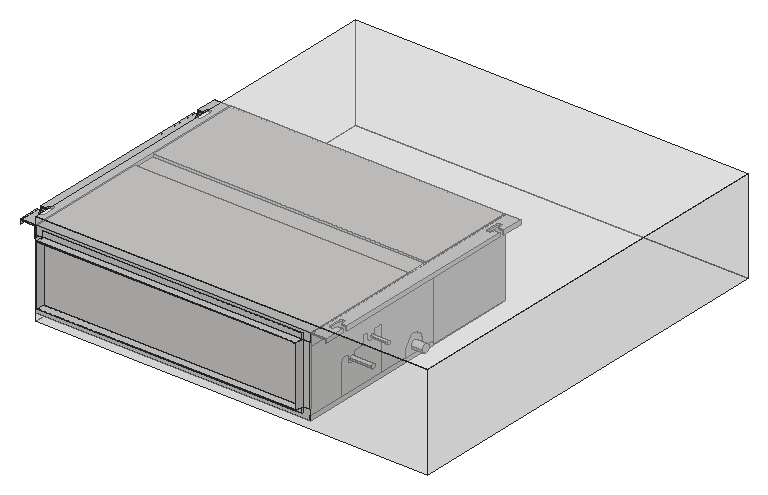
Revit family "outputfile", category 機械設備, Revit 2024
Family settings
  丸型コネクタ寸法 = 半径を使用
  パーツ タイプ = 標準
  OmniClass 番号 = 23.75.10.24.21.27.27
  OmniClass タイトル = Split System Air Conditioning Units
  作業面ベース = いいえ
  常に垂直 = はい
  ロード時にボイドで切り取り = いいえ
  注釈の向きを維持 = いいえ
  共有 = いいえ
  部屋計算ポイント = はい
Parameters (values of type "CDXP25RVMA")
  Description = ""
  書き出し IFC クラス(タイプ) = "IfcUnitaryEquipmentType"
  定義済み IFC タイプ(タイプ) = "AIRCONDITIONINGUNIT"
  Cost = 0
  Type Comments = ""
  Keynote = ""
  Type Image = (empty or 0)
  Assembly Code = ""
  switch_frequency = yes
  ld_powersupply = Depth / 2  # 310.0 mm
  製造元 = "Daikin"
  モデル = "CDXP25RVMA"
  r_Liquid Pipe Size = Liquid Pipe Size / 2  # 3.2 mm
  r_Gas Pipe Size = Gas Pipe Size / 2  # 4.75 mm
  r_Drain Pipe Size = Drain Pipe Size / 2  # 10.0 mm
  lw_powersupply = 50.0 mm  # constant formula
  lw_ductflange2 = 620.0 mm
  lw_Width = 660.0 mm
  lh_suctionflange [instance] = 100.0 mm  # constant formula
  ld_suctionflange [instance] = if(Rear Connection_Return Air, 190.0 mm, 100.0 mm)  # 190.0 mm
  connector_voltage = Voltage_50Hz  # 230 V
  connector_powerinput = if([Power Input (Cooling)] > [Power Input (Heating)], [Power Input (Cooling)], [Power Input (Heating)])  # 0.000 kW
  connector_phase = Phase_50Hz  # 1
  angle_vertical_RA [instance] = if(Rear Connection_Return Air, 90.00°, 0.00°)  # 90.00°
  angle horizontal_RA [instance] = if(Rear Connection_Return Air, 180.00°, 270.00°)  # 180.00°
  Voltage_comment_50Hz = "220 - 240"
  Voltage_50Hz = 230 V
  URL = ""
  Supply Air Direction [instance] = yes
  Sound Power Level_H speed (dB) = 0
  Rear Connection_Return Air [instance] = not(Bottom Connection_Return Air)  # yes
  RA_length [instance] = if(Rear Connection_Return Air, 190.0 mm, 100.0 mm)  # 190.0 mm
  Phase_50Hz = 1
  Minimum External Static Pressure = 0.00 Pa
  Minimum Circuit Amps_50Hz = 0.0 A
  Maximum Fuse Amps_50Hz = 0.0 A
  Maximum External Static Pressure = 30.00 Pa
  Material_Casing = DAIKIN_GalvanizedSteel_Casing_indoorunit
  lw_liquidpipe = 46.0 mm  # constant formula
  lw_gaspipe = 57.0 mm  # constant formula
  lw_mountinghole = 740.0 mm
  lw_drainpipe = 30.0 mm  # constant formula
  lh_powersupply = 150.0 mm  # constant formula
  lh_liquidpipe = 90.0 mm  # constant formula
  lh_gaspipe = 113.0 mm  # constant formula
  lh_mountinghole = Height  # 200.0 mm
  lh_drainpipe = 170.0 mm  # constant formula
  lh_antena = 1.0 mm  # constant formula
  ld_liquidpipe = 193.0 mm  # constant formula
  ld_gaspipe = 130.0 mm  # constant formula
  ld_mountinghole = 500.0 mm  # constant formula
  ld_drainpipe = 330.0 mm  # constant formula
  ld_controlbox = 626.0 mm  # constant formula
  h*** = 0.0 mm  # constant formula
  d_dischargeflange = 21.2 mm  # constant formula
  Width = 700.0 mm
  Version = "ver.1.0"
  Unit Type = "Duct (L.S.P)"
  Unit Mass Weight = 21.00 kg
  Unit Designation [instance] = ""
  Uniclass2015Version = "Products v1.30"
  Uniclass2015Title = "Split coil room air conditioning units"
  Uniclass2015Code = "Pr_70_65_03_86"
  Total Heating Capacity [instance] = 0.000 kW
  Total Cooling Capacity [instance] = 0.000 kW
  Sound Pressure Level_M speed (dBA) = 33
  Sound Pressure Level_L speed (dBA) = 31
  Sound Pressure Level_H speed (dBA) = 35
  Series = "Multi Split_Fan Coil Unit"
  Sensible Cooling Capacity [instance] = 0.000 kW
  SA Duct Size Width = 660.0 mm
  SA Duct Size Height = 153.0 mm
  Refrigerant Type = "R32"
  RA Duct Size Width = 580.0 mm
  RA Duct Size Height = 160.0 mm
  Power Input (Heating) = 0.000 kW
  Power Input (Cooling) = 0.000 kW
  Option Accessory 3 [instance] = ""
  Option Accessory 2 [instance] = ""
  Option Accessory 1 [instance] = ""
  Nominal Heating Capacity = 3.400 kW
  Nominal Cooling Capacity = 2.500 kW
  Minimum Airflow = 438.00 m³/h
  Median Airflow = 480.00 m³/h
  Maximum Airflow = 522.00 m³/h
  Load Classification = HVAC
  Liquid Pipe Size = 6.4 mm
  Link_Nested Family [instance] = ""
  IfcVersion = ""
  IfcExportType = "AIRCONDITIONINGUNIT"
  IfcExportAs = "IfcUnitaryEquipmentType"
  Height = 200.0 mm
  Heating Entering Wet Bulb Temperature [instance] = 0.00 °C
  Heating Entering Dry Bulb Temperature [instance] = 0.00 °C
  Heating Ambient Wet Bulb Temperature [instance] = 0.00 °C
  Heating Ambient Dry Bulb Temperature [instance] = 0.00 °C
  Heat Exchanger Type = "Cross Fin Coil"
  Gas Pipe Size = 9.5 mm
  Frequency_50Hz = 50 Hz
  Fan Type = "Sirocco Fan"
  Fan Drive = "Direct Drive"
  FCU Tag No. [instance] = ""
  Drain Pipe Size = 20.0 mm
  Design Supply Airflow [instance] = 0.00 m³/h
  Design Return Airflow [instance] = 0.00 m³/h
  Design External Static Pressure [instance] = 0.00 Pa
  Depth = 620.0 mm
  既定の高さ = 0.0 mm
  Cooling Entering Wet Bulb Temperature [instance] = 0.00 °C
  Cooling Entering Dry Bulb Temperature [instance] = 0.00 °C
  Cooling Ambient Wet Bulb Temperature [instance] = 0.00 °C
  Cooling Ambient Dry Bulb Temperature [instance] = 0.00 °C
  Clearance visibility [instance] = yes
  Clearance Top = 20.0 mm
  Clearance Right = 300.0 mm
  Clearance Rear = 400.0 mm
  Clearance Left = 0.0 mm
  Clearance Front = 0.0 mm
  Clearance Bottom = 20.0 mm
  Bottom Connection_Return Air [instance] = no
Reference planes
  plane 1 "Center (Front/Back)": y = 0
  plane 2: z = 0
  plane 3 "Center (Left/Right)": x = 0
  plane 4 "Back": y = 310
  plane 5 "Front": y = -310
  plane 6 "Left": x = -350
  plane 7 "Right": x = 350
  plane 8 "Top": z = 0
  plane 9 "Bottom": z = -200
  plane 10: x = -370
  plane 11: x = 370
  plane 12: y = 250
  plane 13: z = 0
  plane 14 "Clearance Left": x = -350
  plane 15 "Clearance Right": x = 650
  plane 16 "Clearance Rear": y = 710
  plane 17 "Clearance Front": y = -310
  plane 18 "Clearance Top": z = 20
  plane 19 "Clearance Bottom": z = -220
  plane 20: y = -250
  plane 21: z = -21
  plane 22: z = -97.5
  plane 23: x = -40
  plane 24: y = 120
  plane 25: z = -100
  plane 26: y = -180
  plane 27: z = -113
  plane 28: y = -117
  plane 29: z = -90
  plane 30: y = 20
  plane 31: z = -170
  plane 32: x = 407
  plane 33: x = 396
  plane 34: x = 380
  plane 35: x = 300
  plane 36: z = -150
Forms (mm)
  Extrusion 1, solid, material "DAIKIN_GalvanizedSteel_Casing_indoorunit" <- "Material_Casing"
    sketch origin (0, 0, 0) x (1, 0, 0) y (0, 1, 0)
      loop
        line (-350, -310) -> (350, -310) -> (350, 310) -> (-350, 310) -> (-350, -310)
    from -200 to 0
  Extrusion 2, void
    sketch origin (0, 0, 1) x (1, 0, 0) y (0, 1, 0)
      loop
        line (-350, 61.5) -> (-350, 3.5) -> (350, 3.5) -> (350, 61.5) -> (-350, 61.5)
    from -1 to -7
  Extrusion 3, solid, material "DAIKIN_GalvanizedSteel_Casing_indoorunit" <- "Material_Casing", visible <- "Bottom Connection_Return Air"
    sketch origin (0, 0, 0) x (1, 0, 0) y (0, 0, 1)
      loop
        line (269, -200) -> (269, -1) -> (-349, -1) -> (-349, -200) -> (269, -200)
    from -310 to -309
  Extrusion 4, solid, material "DAIKIN_GalvanizedSteel_Casing_indoorunit" <- "Material_Casing", visible <- "Rear Connection_Return Air"
    sketch origin (0, 0, 0) x (1, 0, 0) y (0, 1, 0)
      loop
        line (-349, 310) -> (-349, 111) -> (269, 111) -> (269, 310) -> (-349, 310)
    from -200 to -199
  Extrusion 5, solid, material "DAIKIN_GalvanizedSteel_Casing_indoorunit" <- "Material_Casing"
    sketch origin (350, 0, 0) x (0, 1, 0) y (0, 0, 1)
      loop
        circle (-180, -113) r 4.75
    from 0 to 57
  Extrusion 6, solid, material "DAIKIN_GalvanizedSteel_Casing_indoorunit" <- "Material_Casing"
    sketch origin (350, 0, 0) x (0, 1, 0) y (0, 0, 1)
      loop
        circle (-117, -90) r 3.2
    from 0 to 46
  Extrusion 7, solid, material "DAIKIN_GalvanizedSteel_Casing_indoorunit" <- "Material_Casing"
    sketch origin (350, 0, 0) x (0, 1, 0) y (0, 0, 1)
      loop
        circle (20, -170) r 10
    from 0 to 30
  Extrusion 8, solid, material "DAIKIN_GalvanizedSteel_Casing_indoorunit" <- "Material_Casing"
    sketch origin (350, 0, 0) x (0, 1, 0) y (0, 0, 1)
      loop
        line (-310, -200) -> (78.6, -200) -> (78.6, -193)
        arc (78.6, -193) -> (77.721, -190.879) -> (75.6, -190) r 3
        line (75.6, -190) -> (-310, -190) -> (-310, -200)
    from 0 to -1
  Extrusion 9, solid, material "DAIKIN_GalvanizedSteel_Casing_indoorunit" <- "Material_Casing"
    sketch origin (350, 0, 0) x (0, 1, 0) y (0, 0, 1)
      loop
        line (-210, -190) -> (-85.6, -190) -> (-85.6, -83)
        arc (-85.6, -83) -> (-86.479, -80.879) -> (-88.6, -80) r 3
        line (-88.6, -80) -> (-102, -80)
        arc (-102, -80) -> (-104.121, -80.879) -> (-105, -83) r 3
        line (-105, -83) -> (-105, -90)
        arc (-105, -90) -> (-117, -102) -> (-129, -90) r 12
        line (-129, -90) -> (-129, -83)
        arc (-129, -83) -> (-129.879, -80.879) -> (-132, -80) r 3
        line (-132, -80) -> (-136.1, -80)
        arc (-136.1, -80) -> (-138.221, -80.879) -> (-139.1, -83) r 3
        line (-139.1, -83) -> (-139.1, -102.7) -> (-165, -102.7)
        arc (-165, -102.7) -> (-167.121, -103.579) -> (-168, -105.7) r 3
        line (-168, -105.7) -> (-168, -113)
        arc (-168, -113) -> (-180, -125) -> (-192, -113) r 12
        line (-192, -113) -> (-192, -105.7)
        arc (-192, -105.7) -> (-192.879, -103.579) -> (-195, -102.7) r 3
        line (-195, -102.7) -> (-207, -102.7)
        arc (-207, -102.7) -> (-209.121, -103.579) -> (-210, -105.7) r 3
        line (-210, -105.7) -> (-210, -190)
    from 0 to -1
  Extrusion 10, solid, material "DAIKIN_GalvanizedSteel_Casing_indoorunit" <- "Material_Casing"
    sketch origin (350, 0, 0) x (0, 1, 0) y (0, 0, 1)
      loop
        arc (44.5, -170) -> (20, -145.5) -> (-4.5, -170) r 24.5
        line (-4.5, -170) -> (-4.5, -190) -> (44.5, -190) -> (44.5, -170)
    from 0 to -1
  Extrusion 11, solid, material "DAIKIN_GalvanizedSteel_Casing_indoorunit" <- "Material_Casing"
    sketch origin (350, 0, 0) x (0, 1, 0) y (0, 0, 1)
      loop
        arc (86.6, -22) -> (84.479, -22.879) -> (83.6, -25) r 3
        line (83.6, -25) -> (83.6, -194.5)
        arc (83.6, -194.5) -> (84.479, -196.621) -> (86.6, -197.5) r 3
        line (86.6, -197.5) -> (307, -197.5)
        arc (307, -197.5) -> (309.121, -196.621) -> (310, -194.5) r 3
        line (310, -194.5) -> (310, -25)
        arc (310, -25) -> (309.121, -22.879) -> (307, -22) r 3
        line (307, -22) -> (86.6, -22)
    from 0 to -1
Cuts and joins
  Extrusion 2 cuts Extrusion 1
Dimensions and locks
  "Height": plane 8 "Top" to plane 9 "Bottom"
  equal spacing: plane 10, plane 3 "Center (Left/Right)", plane 11
  "lw_mountinghole": plane 10 to plane 11
  equal spacing: plane 6 "Left", plane 3 "Center (Left/Right)", plane 7 "Right"
  "Width": plane 6 "Left" to plane 7 "Right"
  "Clearance Right": plane 7 "Right" to plane 15 "Clearance Right"
  "Clearance Left": plane 14 "Clearance Left" to plane 6 "Left"
  "Clearance Rear": plane 16 "Clearance Rear" to plane 4 "Back"
  "Clearance Front": plane 5 "Front" to plane 17 "Clearance Front"
  "Clearance Top": plane 18 "Clearance Top" to plane 8 "Top"
  "Clearance Bottom": plane 9 "Bottom" to plane 19 "Clearance Bottom"
  "Depth": plane 4 "Back" to plane 5 "Front"
  equal spacing: plane 4 "Back", plane 1 "Center (Front/Back)", plane 5 "Front"
  Extrusion 3 sketch curve to Extrusion 3 sketch curve = 199.0 mm
  locked: plane 20 to plane 5 "Front" at 60
  "ld_mountinghole": plane 12 to plane 20
  locked: plane 8 "Top" to plane 21 at 21
  locked: plane 23 to plane 3 "Center (Left/Right)" at 40
  "ld_suctionflange": plane 4 "Back" to plane 24
  "lh_suctionflange": plane 8 "Top" to plane 25
  "ld_gaspipe": plane 26 to plane 5 "Front"
  "lh_gaspipe": plane 8 "Top" to plane 27
  "ld_liquidpipe": plane 28 to plane 5 "Front"
  "lh_liquidpipe": plane 8 "Top" to plane 29
  "ld_drainpipe": plane 30 to plane 5 "Front"
  "lh_drainpipe": plane 8 "Top" to plane 31
  "lw_gaspipe": plane 7 "Right" to plane 32
  "lw_liquidpipe": plane 7 "Right" to plane 33
  "lw_drainpipe": plane 7 "Right" to plane 34
  "lw_powersupply": plane 35 to plane 7 "Right"
  "lh_powersupply": plane 8 "Top" to plane 36
  "r_Gas Pipe Size": radius of Extrusion 5 sketch curve
  "r_Liquid Pipe Size": radius of Extrusion 6 sketch curve
  "r_Drain Pipe Size": radius of Extrusion 7 sketch curve
  aligned and locked: level to plane 2
  aligned and locked: Extrusion 1 to plane 9 "Bottom"
  aligned and locked: plane 8 "Top" to Extrusion 1
  aligned and locked: plane 11 to nested 2
  aligned and locked: plane 10 to nested 3
  aligned and locked: plane 10 to nested 4
  aligned and locked: plane 8 "Top" to Extrusion 2
  aligned and locked: plane 9 "Bottom" to Extrusion 4  (x2)
  aligned and locked: plane 7 "Right" to cut or joined group of Extrusion 1, Extrusion 2  (x2)
  aligned and locked: plane 3 "Center (Left/Right)" to nested 9
  aligned and locked: plane 6 "Left" to nested 7
  aligned and locked: plane 8 "Top" to nested 9
  aligned and locked: plane 11 to nested 1
  aligned and locked: nested 6 to plane 1 "Center (Front/Back)"
  aligned and locked: plane 3 "Center (Left/Right)" to nested 6
  aligned and locked: level to plane 8 "Top"
  aligned and locked: plane 1 "Center (Front/Back)" to nested 9
  aligned and locked: plane 5 "Front" to nested 10
  aligned and locked: Extrusion 1 sketch curve to plane 5 "Front"
  aligned and locked: plane 21 to nested 10
  aligned and locked: nested 5 to plane 5 "Front"
  aligned and locked: plane 3 "Center (Left/Right)" to nested 5
  aligned and locked: plane 22 to nested 5
  aligned and locked: Extrusion 2 sketch curve to plane 6 "Left"
  aligned and locked: plane 7 "Right" to Extrusion 2 sketch curve
  aligned and locked: nested 11 to plane 23
  aligned and locked: nested 11 to plane 24
  aligned and locked: plane 27 to Extrusion 5 sketch curve
  aligned and locked: plane 26 to Extrusion 5 sketch curve
  aligned and locked: plane 28 to Extrusion 6 sketch curve
  aligned and locked: plane 29 to Extrusion 6 sketch curve
  aligned and locked: plane 31 to Extrusion 7 sketch curve
  aligned and locked: plane 30 to Extrusion 7 sketch curve
  aligned and locked: plane 26 to nested 12
  aligned and locked: nested 12 to plane 27
  aligned and locked: plane 32 to Extrusion 5
  aligned and locked: plane 32 to nested 12
  aligned and locked: plane 33 to Extrusion 6
  aligned and locked: plane 28 to nested 13
  aligned and locked: nested 13 to plane 29
  aligned and locked: plane 33 to nested 13
  aligned and locked: plane 34 to Extrusion 7
  aligned and locked: plane 30 to nested 14
  aligned and locked: nested 14 to plane 31
  aligned and locked: plane 34 to nested 14
  aligned and locked: Extrusion 8 sketch curve to plane 9 "Bottom"
  aligned and locked: Extrusion 8 sketch curve to plane 5 "Front"
  aligned and locked: plane 14 "Clearance Left" to nested 15
  aligned and locked: plane 15 "Clearance Right" to nested 15
  aligned and locked: plane 16 "Clearance Rear" to nested 15
  aligned and locked: nested 15 to plane 17 "Clearance Front"
  aligned and locked: nested 15 to plane 18 "Clearance Top"
  aligned and locked: nested 15 to plane 19 "Clearance Bottom"
  aligned and locked: nested 16 to plane 35
  aligned and locked: nested 16 to plane 36
  aligned and locked: plane 4 "Back" to nested 16
Automatic sketch dimensions
  Extrusion 1 sketch curve to plane 4 "Back" = 0.0 mm
  Extrusion 1 sketch curve to plane 6 "Left" = 0.0 mm
  Extrusion 1 sketch curve to plane 7 "Right" = 0.0 mm
  Extrusion 4 sketch curve to plane 4 "Back" = 0.0 mm
  plane 6 "Left" to Extrusion 3 sketch curve = 1.0 mm
  plane 6 "Left" to Extrusion 4 sketch curve = 1.0 mm
  Extrusion 4 sketch curve to plane 1 "Center (Front/Back)" = 111.0 mm
  Extrusion 3 sketch curve to plane 9 "Bottom" = 0.0 mm
  Extrusion 3 sketch curve to plane 7 "Right" = 81.0 mm
  Extrusion 4 sketch curve to plane 7 "Right" = 81.0 mm
  Extrusion 2 sketch curve to plane 1 "Center (Front/Back)" = 3.5 mm
  Extrusion 2 sketch curve to Extrusion 2 sketch curve = 58.0 mm
  plane 9 "Bottom" to Extrusion 8 sketch curve = 7.0 mm
  Extrusion 8 sketch curve to plane 24 = 44.4 mm
  Extrusion 8 sketch curve to Extrusion 8 sketch curve = 3.0 mm
  Extrusion 9 sketch curve to plane 27 = 0.0 mm
  Extrusion 9 sketch curve to plane 26 = 0.0 mm
  Extrusion 9 sketch curve to plane 29 = 0.0 mm
  Extrusion 9 sketch curve to plane 28 = 0.0 mm
  Extrusion 9 sketch curve to plane 26 = 12.0 mm
  Extrusion 9 sketch curve to plane 25 = 2.7 mm  (x2)
  Extrusion 9 sketch curve to Extrusion 9 sketch curve = 3.0 mm  (x6)
  Extrusion 9 sketch curve to Extrusion 9 sketch curve = 12.0 mm
  plane 9 "Bottom" to Extrusion 9 sketch curve = 10.0 mm
  Extrusion 9 sketch curve to plane 26 = 30.0 mm
  Extrusion 9 sketch curve to plane 28 = 22.1 mm
  Extrusion 9 sketch curve to Extrusion 9 sketch curve = 4.1 mm
  plane 29 to Extrusion 9 sketch curve = 7.0 mm  (x2)
  Extrusion 9 sketch curve to Extrusion 9 sketch curve = 13.4 mm
  Extrusion 10 sketch curve to plane 30 = 0.0 mm
  Extrusion 10 sketch curve to plane 31 = 0.0 mm
  plane 1 "Center (Front/Back)" to Extrusion 10 sketch curve = 4.5 mm
  plane 9 "Bottom" to Extrusion 10 sketch curve = 10.0 mm
  Extrusion 11 sketch curve to plane 4 "Back" = 0.0 mm
  Extrusion 11 sketch curve to Extrusion 11 sketch curve = 3.0 mm  (x3)
  Extrusion 11 sketch curve to plane 21 = 1.0 mm
  Extrusion 11 sketch curve to plane 21 = 4.0 mm
  Extrusion 11 sketch curve to plane 24 = 33.4 mm
  plane 9 "Bottom" to Extrusion 11 sketch curve = 5.5 mm
Nested families
  nested 1: "daikin_mountinghole" at (370, 250, -200), l_antenna <- "lh_antena", Link_Nested Family <- "Link_Nested Family", h_mountinghole <- "lh_mountinghole", type "daikin_mountinghole"
    with show yes, l_antenna 1.0 mm, h_mountinghole 200.0 mm, Link_Nested Family ""
  nested 2: "daikin_mountinghole" at (370, -250, -200), Link_Nested Family <- "Link_Nested Family", l_antenna <- "lh_antena", h_mountinghole <- "lh_mountinghole", type "daikin_mountinghole"
    with show yes, l_antenna 1.0 mm, h_mountinghole 200.0 mm, Link_Nested Family ""
  nested 3: "daikin_mountinghole" at (-370, -250, -200), l_antenna <- "lh_antena", Link_Nested Family <- "Link_Nested Family", h_mountinghole <- "lh_mountinghole", type "daikin_mountinghole"
    with show yes, l_antenna 1.0 mm, h_mountinghole 200.0 mm, Link_Nested Family ""
  nested 4: "daikin_mountinghole" at (-370, 250, -200), l_antenna <- "lh_antena", Link_Nested Family <- "Link_Nested Family", h_mountinghole <- "lh_mountinghole", type "daikin_mountinghole"
    with show yes, l_antenna 1.0 mm, h_mountinghole 200.0 mm, Link_Nested Family ""
  nested 5: "daikin_connector_rotate2" at (0, -310, -97.5), length <- "d_dischargeflange", type "daikin_connector_rotate2"
    with radius 10.0 mm, length 21.2 mm, angle_vertical 90.00°, show_face no
  nested 6: "daikin_△_symbolicline" at (-75, -129.904, 200) x (-0.5, 0.866, 0) z (0, 0, 1), built-in parameter 1001364 <- "Height", visible <- "Supply Air Direction", type "daikin_△_symbolicline"
    with length 300.0 mm
  nested 7: "daikin_ductflange_CDXP-RVMA_1" at (-40, 310, -100), visible <- "Rear Connection_Return Air", material <- "Material_Casing", width <- "lw_ductflange2", type "daikin_ductflange_CDXP-RVMA_1"
    with width 620.0 mm, material DAIKIN_GalvanizedSteel_Casing_indoorunit, height 180.0 mm, depth 21.2 mm
  nested 8: "daikin_ductflange_CDXP-RVMA_1" at (-40, 210, -200) x (1, 0, 0) z (0, 1, 0), visible <- "Bottom Connection_Return Air", material <- "Material_Casing", width <- "lw_ductflange2", type "daikin_ductflange_CDXP-RVMA_1"
    with width 620.0 mm, material DAIKIN_GalvanizedSteel_Casing_indoorunit, height 180.0 mm, depth 21.2 mm
  nested 9: "daikin_hangerfixture_CDXP-RVMA" at (0, 0, 0), type "daikin_hangerfixture_CDXP-RVMA"
  nested 10: "daikin_ductflange_CDXP-RVMA" at (0, 3.5, -364.201), width <- "lw_Width", material <- "Material_Casing", type "daikin_ductflange_CDXP-RVMA"
    with width 660.0 mm, material DAIKIN_GalvanizedSteel_Casing_indoorunit, height 155.0 mm, depth 21.2 mm
  nested 11: "daikin_connector_rotate3" at (-40, 120, -100), length <- "RA_length", angle_vertical <- "angle_vertical_RA", angle_horizontal <- "angle horizontal_RA", type "daikin_connector_rotate3"
    with show no, radius 10.0 mm, length 190.0 mm, angle_vertical 90.00°, angle_horizontal 180.00°
  nested 12: "daikin_connector_rotate2" at (350, -180, -113) x (0, 1, 0) z (0, 0, 1), length <- "lw_gaspipe", radius <- "r_Gas Pipe Size", type "daikin_connector_rotate2"
    with radius 4.75 mm, length 57.0 mm, angle_vertical 90.00°, show_face no
  nested 13: "daikin_connector_rotate2" at (350, -117, -90) x (0, 1, 0) z (0, 0, 1), radius <- "r_Liquid Pipe Size", length <- "lw_liquidpipe", type "daikin_connector_rotate2"
    with radius 3.2 mm, length 46.0 mm, angle_vertical 90.00°, show_face no
  nested 14: "daikin_connector_rotate2" at (350, 20, -170) x (0, 1, 0) z (0, 0, 1), radius <- "r_Drain Pipe Size", length <- "lw_drainpipe", type "daikin_connector_rotate2"
    with radius 10.0 mm, length 30.0 mm, angle_vertical 90.00°, show_face no
  nested 15: "daikin_clearancespace" at (150, 200, -99.881), visible <- "Clearance visibility", Link_Nested Family <- "Link_Nested Family", show <- "Clearance visibility", type "daikin_clearancespace"
    with width 1000.0 mm, show yes, height 240.0 mm, depth 1020.0 mm, Link_Nested Family ""
  nested 16: "daikin_connector_rotate2" at (300, 0, -150) x (-1, 0, 0) z (0, 0, 1), length <- "ld_powersupply", type "daikin_connector_rotate2"
    with radius 10.0 mm, length 310.0 mm, angle_vertical 90.00°, show_face no
Connectors
  hvac at (0, -331.2, -97.5), driven by "SA Duct Size Height", driven by "SA Duct Size Width"
    settings: on nested 5, index 1, duct flow 0.00 m³/h, flow factor 0, pres drop 0.00 Pa, loss coef 0, conn angle 0.00°, conn width 660.0 mm, conn height 153.0 mm, conn diameter 609.6 mm, duct sys type 1, conn prof type 1, flow config 0, flow direction 2, loss method 4, conn ref index -1, conn util no, is conn primary yes, conn desc "SA Duct"
  hvac at (-40, 310, -100), driven by "RA Duct Size Height", driven by "RA Duct Size Width"
    settings: on nested 11, index 2, duct flow 0.00 m³/h, flow factor 0, pres drop 0.00 Pa, loss coef 0, conn angle 0.00°, conn width 580.0 mm, conn height 160.0 mm, conn diameter 609.6 mm, duct sys type 2, conn prof type 1, flow config 0, flow direction 1, loss method 4, conn ref index -1, conn util no, is conn primary no, conn desc "RA Duct"
  piping at (407, -180, -113), diameter 9.5, driven by "r_Gas Pipe Size"
    settings: on nested 12, index 3, connector inside diameter 609.6 mm, connector length 0.0 mm, flow factor 0, pipe flow 0.00 m³/h, pressure drop 0.0 Pa, fitting loss kfactor 0, connector angle 0.00°, fixture units 0, engagement length 0.0 mm, angle of deflection 0.00°, flow configuration 1, flow direction 2, fitting loss method 0, system type 29, joint type 0, gender type 0, connector reference index -1, connector utility 0, adjustable connector no, is connector primary yes, connector description "Refrigerant Gas Piping"
  piping at (396, -117, -90), diameter 6.4, driven by "r_Liquid Pipe Size"
    settings: on nested 13, index 4, connector inside diameter 609.6 mm, connector length 0.0 mm, flow factor 0, pipe flow 0.00 m³/h, pressure drop 0.0 Pa, fitting loss kfactor 0, connector angle 0.00°, fixture units 0, engagement length 0.0 mm, angle of deflection 0.00°, flow configuration 1, flow direction 1, fitting loss method 0, system type 29, joint type 0, gender type 0, connector reference index -1, connector utility 0, adjustable connector no, is connector primary no, connector description "Refrigerant Liquid Piping"
  piping at (380, 20, -170), diameter 20, driven by "r_Drain Pipe Size"
    settings: on nested 14, index 5, connector inside diameter 609.6 mm, connector length 0.0 mm, flow factor 0, pipe flow 0.00 m³/h, pressure drop 0.0 Pa, fitting loss kfactor 0, connector angle 0.00°, fixture units 0, engagement length 0.0 mm, angle of deflection 0.00°, flow configuration 1, flow direction 2, fitting loss method 4, system type 16, joint type 0, gender type 0, connector reference index -1, connector utility 0, adjustable connector no, is connector primary no, connector description "Condensate Drain Piping"
  electrical at (300, 310, -150), driven by "Load Classification", driven by "connector_voltage", driven by "connector_powerinput", driven by "connector_phase"
    settings: on nested 16, index 6, voltage 230 V, apparent load 0 VA, apparent load phase1 0 VA, apparent load phase2 0 VA, apparent load phase3 0 VA, power factor 1, load classification "HVAC", number of poles 1, system type 30, power factor state 1, is connector primary yes, connector utility no, sub classification motor no, connector description "Power Supply"
Definition of nested family "daikin_ductflange_CDXP-RVMA_1"
  Parameters (values of type "daikin_ductflange_CDXP-RVMA_1")
    width [instance] = 620.0 mm
    material [instance] = none
    height [instance] = 180.0 mm
    depth [instance] = 21.2 mm
    Default Elevation = 0.0 mm
  Reference planes
    plane 1 "Center (Front/Back)": y = 0
    plane 2: z = 0
    plane 3 "Center (Left/Right)": x = 0
    plane 4: x = -310
    plane 5: x = 310
    plane 6: z = 90
    plane 7: z = -90
    plane 8: z = 100
    plane 9: z = -100
    plane 10: x = -309
    plane 11: x = 309
  Forms (mm)
    Extrusion 1, solid, material <- "material"
      sketch origin (0, 0, 0) x (1, 0, 0) y (0, 0, 1)
        loop
          line (-290, 80) -> (-290, -80) -> (290, -80) -> (290, 80) -> (-290, 80)
        loop
          line (-309, -99) -> (309, -99) -> (309, 99) -> (-309, 99) -> (-309, -99)
      from 0 to 1
  Dimensions and locks
    equal spacing: plane 5, plane 3 "Center (Left/Right)", plane 4, locked at 310 each
    "width": plane 5 to plane 4
    equal spacing: plane 6, level, plane 7, locked at 90 each
    "height": plane 6 to plane 7
    equal spacing: plane 8, level, plane 9, locked at 100 each
    locked: plane 8 to plane 9 at 200
    plane 10 to plane 4 = 1.0 mm
    locked: plane 5 to plane 11 at 1
    locked: Extrusion 1 sketch curve to Extrusion 1 sketch curve at 19  (x4)
    locked: plane 8 to Extrusion 1 sketch curve at 1
    locked: Extrusion 1 sketch curve to plane 9 at 1
    aligned and locked: level to plane 2
  Automatic sketch dimensions
    plane 4 to Extrusion 1 sketch curve = 1.0 mm
    Extrusion 1 sketch curve to plane 5 = 1.0 mm
Definition of nested family "daikin_hangerfixture_CDXP-RVMA"
  Parameters (values of type "daikin_hangerfixture_CDKS-EAVMA")
    width = 700.0 mm
    material = none
    height = 30.0 mm
    depth = 618.0 mm
    Default Elevation = 0.0 mm
  Reference planes
    plane 1 "Center (Front/Back)": y = 0
    plane 2: z = 0
    plane 3 "Center (Left/Right)": x = 0
    plane 4: x = 350
    plane 5: y = 309
    plane 6: y = -309
    plane 7: x = -350
    plane 8: z = -30
  Forms (mm)
    Extrusion 1, solid, material <- "material"
      sketch origin (0, 0, 0) x (1, 0, 0) y (0, 0, 1)
        loop
          line (350, 0) -> (350, -30) -> (352.3, -30) -> (352.3, -2.3) -> (387.7, -2.3) -> (387.7, -10) -> (390, -10) -> (390, 0) -> (350, 0)
      from -309 to 309
    Extrusion 2, void
      sketch origin (0, 0, 0) x (0, 1, 0) y (0, 0, 1)
        loop
          line (309, -30) -> (309, -17.979) -> (87.935, -17.979) -> (75.914, -30) -> (309, -30)
      from 0 to 450
    Extrusion 3, void
      sketch origin (0, 0, 0) x (1, 0, 0) y (0, 1, 0)
        loop
          line (390, -243.5) -> (377, -243.5) -> (377, -237)
          arc (377, -237) -> (370, -230) -> (363, -237) r 7
          line (363, -237) -> (363, -263)
          arc (363, -263) -> (370, -270) -> (377, -263) r 7
          line (377, -263) -> (377, -256.5) -> (390, -256.5) -> (390, -243.5)
        loop
          line (390, 243.5) -> (390, 256.5) -> (377, 256.5) -> (377, 263)
          arc (377, 263) -> (370, 270) -> (363, 263) r 7
          line (363, 263) -> (363, 237)
          arc (363, 237) -> (370, 230) -> (377, 237) r 7
          line (377, 237) -> (377, 243.5) -> (390, 243.5)
      from -254.96 to 618
    Extrusion 4, solid, material <- "material"
      sketch origin (0, 0, 0) x (-1, 0, 0) y (0, 0, -1)
        loop
          line (350, 0) -> (390, 0) -> (390, 10) -> (387.7, 10) -> (387.7, 2.3) -> (352.3, 2.3) -> (352.3, 30) -> (350, 30) -> (350, 0)
      from -309 to 309
    Extrusion 5, void
      sketch origin (0, 0, 0) x (-1, 0, 0) y (0, -1, 0)
        loop
          line (390, 243.5) -> (390, 256.5) -> (377, 256.5) -> (377, 263)
          arc (377, 263) -> (370, 270) -> (363, 263) r 7
          line (363, 263) -> (363, 237)
          arc (363, 237) -> (370, 230) -> (377, 237) r 7
          line (377, 237) -> (377, 243.5) -> (390, 243.5)
        loop
          line (390, -243.5) -> (377, -243.5) -> (377, -237)
          arc (377, -237) -> (370, -230) -> (363, -237) r 7
          line (363, -237) -> (363, -263)
          arc (363, -263) -> (370, -270) -> (377, -263) r 7
          line (377, -263) -> (377, -256.5) -> (390, -256.5) -> (390, -243.5)
      from -254.96 to 618
  Cuts and joins
    Extrusion 2, Extrusion 3, Extrusion 5 cuts Extrusion 1
    Extrusion 5 cuts Extrusion 4
  Dimensions and locks
    equal spacing: plane 5, plane 1 "Center (Front/Back)", plane 6
    "depth": plane 5 to plane 6
    plane 6 to plane 1 "Center (Front/Back)" to plane 5 = 309.0 mm, 309.0 mm
    equal spacing: plane 4, plane 3 "Center (Left/Right)", plane 7
    "width": plane 4 to plane 7
    "height": level to plane 8
    aligned and locked: level to plane 2
    aligned and locked: plane 5 to Extrusion 1
    aligned and locked: Extrusion 1 to plane 6
    aligned and locked: Extrusion 1 to plane 4
    aligned and locked: plane 5 to cut or joined group of Extrusion 1, Extrusion 2, Extrusion 3, Extrusion 5
    aligned and locked: cut or joined group of Extrusion 1, Extrusion 2, Extrusion 3, Extrusion 5 to plane 6
    aligned and locked: level to cut or joined group of Extrusion 1, Extrusion 2, Extrusion 3, Extrusion 5
    aligned and locked: cut or joined group of Extrusion 1, Extrusion 2, Extrusion 3, Extrusion 5 to plane 8
    aligned and locked: plane 5 to cut or joined group of Extrusion 4, Extrusion 5
    aligned and locked: cut or joined group of Extrusion 4, Extrusion 5 to plane 6
  Automatic sketch dimensions
    Extrusion 1 sketch curve to plane 4 = 0.0 mm
    Extrusion 1 sketch curve to plane 8 = 0.0 mm
    Extrusion 1 sketch curve to level = 0.0 mm
    plane 4 to Extrusion 1 sketch curve = 2.3 mm
    Extrusion 1 sketch curve to level = 2.3 mm
    Extrusion 1 sketch curve to Extrusion 1 sketch curve = 35.4 mm
    Extrusion 1 sketch curve to Extrusion 1 sketch curve = 2.3 mm
    Extrusion 1 sketch curve to Extrusion 1 sketch curve = 7.7 mm
    Extrusion 2 sketch curve to plane 8 = 0.0 mm
    Extrusion 2 sketch curve to plane 5 = 0.0 mm
    plane 8 to Extrusion 2 sketch curve = 12.021 mm
    Extrusion 2 sketch curve to plane 1 "Center (Front/Back)" = 87.935 mm
    Extrusion 2 sketch curve to Extrusion 2 sketch curve = 12.021 mm
    plane 4 to Extrusion 3 sketch curve = 13.0 mm  (x2)
    Extrusion 3 sketch curve to Extrusion 3 sketch curve = 7.0 mm  (x4)
    Extrusion 3 sketch curve to Extrusion 3 sketch curve = 13.0 mm  (x4)
    plane 6 to Extrusion 3 sketch curve = 46.0 mm
    Extrusion 3 sketch curve to Extrusion 3 sketch curve = 6.5 mm  (x4)
    Extrusion 3 sketch curve to plane 5 = 72.0 mm
    Extrusion 4 sketch curve to plane 7 = 0.0 mm
    Extrusion 4 sketch curve to plane 8 = 0.0 mm
    Extrusion 4 sketch curve to level = 0.0 mm
    Extrusion 4 sketch curve to plane 7 = 2.3 mm
    Extrusion 4 sketch curve to level = 2.3 mm
    Extrusion 4 sketch curve to Extrusion 4 sketch curve = 35.4 mm
    Extrusion 4 sketch curve to Extrusion 4 sketch curve = 2.3 mm
    Extrusion 4 sketch curve to Extrusion 4 sketch curve = 7.7 mm
    Extrusion 5 sketch curve to plane 7 = 13.0 mm  (x2)
    Extrusion 5 sketch curve to Extrusion 5 sketch curve = 7.0 mm  (x4)
    Extrusion 5 sketch curve to Extrusion 5 sketch curve = 13.0 mm  (x4)
    Extrusion 5 sketch curve to plane 5 = 46.0 mm
    Extrusion 5 sketch curve to Extrusion 5 sketch curve = 6.5 mm  (x4)
    plane 6 to Extrusion 5 sketch curve = 72.0 mm
Definition of nested family "daikin_ductflange_CDXP-RVMA"
  Parameters (values of type "daikin_ductflange_FXDQ-NDVET")
    width [instance] = 660.0 mm
    material [instance] = none
    height [instance] = 155.0 mm
    depth [instance] = 21.2 mm
    Default Elevation = 0.0 mm
  Reference planes
    plane 1 "Center (Front/Back)": y = 0
    plane 2: z = 189.201
    plane 3 "Center (Left/Right)": x = 0
    plane 4: y = -313.5
    plane 5: x = -330
    plane 6: x = 330
    plane 7: y = -334.7
    plane 8: z = 344.201
    plane 9: z = 266.701
    plane 10: z = 343.201
    plane 11: z = 190.201
  Forms (mm)
    Extrusion 1, solid, material <- "material"
      sketch origin (0, 0, 189.201) x (1, 0, 0) y (0, 1, 0)
        loop
          line (-330, -334.7) -> (-330, -313.5) -> (-350, -313.5) -> (-350, -314.5) -> (-331, -314.5) -> (-331, -334.7) -> (-330, -334.7)
        loop
          line (330, -334.7) -> (331, -334.7) -> (331, -314.5) -> (350, -314.5) -> (350, -313.5) -> (330, -313.5) -> (330, -334.7)
      from 1 to 154
    Extrusion 2, solid, material <- "material"
      sketch origin (0, 0, 0) x (0, 1, 0) y (0, 0, 1)
        loop
          line (-313.5, 343.201) -> (-313.5, 358.201) -> (-314.5, 358.201) -> (-314.5, 344.201) -> (-334.7, 344.201) -> (-334.7, 343.201) -> (-313.5, 343.201)
        loop
          line (-313.5, 190.201) -> (-334.7, 190.201) -> (-334.7, 189.201) -> (-314.5, 189.201) -> (-314.5, 175.201) -> (-313.5, 175.201) -> (-313.5, 190.201)
      from -330 to 330
  Dimensions and locks
    plane 4 to plane 1 "Center (Front/Back)" = 313.5 mm
    "depth": plane 7 to plane 4
    equal spacing: plane 8, plane 9, level
    "height": plane 8 to level
    equal spacing: plane 6, plane 3 "Center (Left/Right)", plane 5
    "width": plane 6 to plane 5
    locked: plane 8 to plane 10 at 1
    locked: plane 11 to level at 1
    locked: Extrusion 1 to Extrusion 2 sketch curve at 1
    locked: Extrusion 2 sketch curve to Extrusion 1 at 1
    plane 10 to plane 11 = 153.0 mm
    aligned and locked: level to plane 2
    aligned and locked: Extrusion 2 to plane 5
    aligned and locked: Extrusion 2 to plane 11
    aligned and locked: Extrusion 2 to plane 10
    aligned and locked: plane 6 to Extrusion 2
    aligned and locked: plane 5 to Extrusion 2  (x2)
    aligned and locked: plane 5 to Extrusion 1  (x2)
    aligned and locked: Extrusion 1 to plane 6
    aligned and locked: plane 6 to Extrusion 1
    aligned and locked: Extrusion 1 to plane 10
  Automatic sketch dimensions
    Extrusion 2 sketch curve to plane 7 = 0.0 mm  (x2)
    Extrusion 2 sketch curve to plane 4 = 0.0 mm  (x2)
    Extrusion 2 sketch curve to plane 11 = 0.0 mm
    Extrusion 2 sketch curve to plane 10 = 0.0 mm
    Extrusion 2 sketch curve to plane 4 = 1.0 mm  (x2)
    Extrusion 2 sketch curve to level = 14.0 mm
    plane 8 to Extrusion 2 sketch curve = 14.0 mm
    Extrusion 1 sketch curve to plane 4 = 0.0 mm  (x2)
    Extrusion 1 sketch curve to plane 7 = 0.0 mm  (x2)
    Extrusion 1 sketch curve to plane 5 = 0.0 mm
    Extrusion 1 sketch curve to plane 6 = 0.0 mm
    Extrusion 1 sketch curve to plane 5 = 1.0 mm
    Extrusion 1 sketch curve to Extrusion 1 sketch curve = 19.0 mm  (x2)
    Extrusion 1 sketch curve to Extrusion 1 sketch curve = 1.0 mm
    Extrusion 1 sketch curve to plane 4 = 1.0 mm  (x2)
Definition of nested family "daikin_clearancespace"
  Parameters (values of type "daikin_clearancespace")
    Description = "daikin_clearancespace"
    width [instance] = 1823.963 mm
    show [instance] = yes
    material = none
    height [instance] = 1359.762 mm
    depth [instance] = 880.0 mm
    Default Elevation = 0.0 mm
    Link_Nested Family [instance] = ""
  Reference planes
    plane 1 "Center (Front/Back)": y = 0
    plane 2 "Center (Elevation)": z = -0.119
    plane 3 "Center (Left/Right)": x = 0
    plane 4: y = 440
    plane 5: y = -440
    plane 6 "Right": x = 911.982
    plane 7 "Left": x = -911.982
    plane 8 "Top": z = 679.762
    plane 9 "Bottom": z = -680
  Forms (mm)
    Extrusion 1, solid, material <- "material", visible <- "show"
      sketch origin (0, 0, 0) x (1, 0, 0) y (0, 1, 0)
        loop
          line (-911.982, 440) -> (-911.982, -440) -> (911.982, -440) -> (911.982, 440) -> (-911.982, 440)
      from -680 to 679.762
  Lines and regions (mm)
    symbolic lines, visible <- "show"
      curve 1: line (911.982, 440, 0) -> (-911.982, 440, 0)
      curve 2: line (-911.982, 440, 0) -> (-911.982, -440, 0)
      curve 3: line (-911.982, -440, 0) -> (911.982, -440, 0)
      curve 4: line (911.982, -440, 0) -> (911.982, 440, 0)
      curve 5: line (911.982, 0, 679.762) -> (-911.982, 0, 679.762)
      curve 6: line (911.982, 0, -680) -> (911.982, 0, 679.762)
      curve 7: line (-911.982, 0, -680) -> (911.982, 0, -680)
      curve 8: line (-911.982, 0, 679.762) -> (-911.982, 0, -680)
      curve 9: line (0, 440, 679.762) -> (0, -440, 679.762)
      curve 10: line (0, -440, 679.762) -> (0, -440, -680)
      curve 11: line (0, 440, -680) -> (0, 440, 679.762)
      curve 12: line (0, -440, -680) -> (0, 440, -680)
  Dimensions and locks
    "width": plane 7 "Left" to plane 6 "Right"
    "depth": plane 4 to plane 5
    "height": plane 8 "Top" to plane 9 "Bottom"
    equal spacing: plane 7 "Left", plane 3 "Center (Left/Right)", plane 6 "Right"
    equal spacing: plane 4, plane 1 "Center (Front/Back)", plane 5
    equal spacing: plane 8 "Top", plane 2 "Center (Elevation)", plane 9 "Bottom"
    aligned and locked: level to plane 2 "Center (Elevation)"
    aligned and locked: Extrusion 1 sketch curve to plane 4
    aligned and locked: plane 7 "Left" to Extrusion 1 sketch curve
    aligned and locked: Extrusion 1 sketch curve to plane 5
    aligned and locked: Extrusion 1 sketch curve to plane 6 "Right"
    aligned and locked: plane 8 "Top" to Extrusion 1
    aligned and locked: curve 1 to Extrusion 1
    aligned and locked: curve 2 to Extrusion 1
    aligned and locked: curve 3 to Extrusion 1
    aligned and locked: curve 4 to Extrusion 1
    aligned and locked: curve 5 to Extrusion 1
    aligned and locked: curve 6 to Extrusion 1
    aligned and locked: curve 7 to Extrusion 1
    aligned and locked: curve 8 to Extrusion 1
    aligned and locked: curve 9 to Extrusion 1
    aligned and locked: curve 10 to Extrusion 1
    aligned and locked: curve 11 to Extrusion 1
    aligned and locked: curve 12 to Extrusion 1
    aligned and locked: Extrusion 1 to plane 9 "Bottom"
Definition of nested family "daikin_mountinghole"
  Parameters (values of type "daikin_mountinghole")
    Default Elevation = 1219.2 mm
    Type Comments = "mountinghole"
    show [instance] = yes
    material = none
    l_centerline = 100.0 mm
    l_antenna [instance] = 100.0 mm
    h_mountinghole [instance] = 0.0 mm
    d_circle = 30.0 mm
    Link_Nested Family [instance] = ""
  Reference planes
    plane 1 "Center (Front/Back)": y = 0
    plane 2: z = 0
    plane 3 "Center (Left/Right)": x = 0
    plane 4: y = 50
    plane 5: x = -50
    plane 6: x = 50
    plane 7: y = -50
    plane 8 "h_mountinghole": z = 0
    plane 9: z = 100
  Lines and regions (mm)
    model lines, detail levels fine
      curve 1: circle (0, 0, 0) r 15 normal (0, 0, 1)
      curve 2: line (-50, 0, 0) -> (50, 0, 0)
      curve 3: line (0, 50, 0) -> (0, -50, 0)
    symbolic lines, detail levels fine
      curve 4: circle (0, 0, 0) r 15 normal (0, 0, 1)
      curve 5: line (-50, 0, 0) -> (50, 0, 0)
      curve 6: line (0, 50, 0) -> (0, -50, 0)
    model lines
      curve 7: line (0, 0, 100) -> (0, 0, 0)
  Dimensions and locks
    equal spacing: plane 4, plane 1 "Center (Front/Back)", plane 7
    "l_centerline": plane 4 to plane 7
    equal spacing: plane 5, plane 3 "Center (Left/Right)", plane 6
    "l_centerline": plane 5 to plane 6
    "l_antenna": plane 9 to plane 8 "h_mountinghole"
    "h_mountinghole": plane 8 "h_mountinghole" to plane 2
    "d_circle": diameter of curve 1
    "d_circle": diameter of curve 4
    aligned and locked: level to plane 2
    aligned and locked: plane 1 "Center (Front/Back)" to curve 1
    aligned and locked: plane 3 "Center (Left/Right)" to curve 1
    aligned and locked: plane 1 "Center (Front/Back)" to curve 2
    aligned and locked: curve 3 to plane 3 "Center (Left/Right)"
    aligned and locked: plane 6 to curve 2
    aligned and locked: plane 5 to curve 2
    aligned and locked: plane 4 to curve 3
    aligned and locked: plane 7 to curve 3
    aligned and locked: plane 1 "Center (Front/Back)" to curve 4
    aligned and locked: plane 3 "Center (Left/Right)" to curve 4
    aligned and locked: plane 6 to curve 5
    aligned and locked: plane 5 to curve 5
    aligned and locked: plane 1 "Center (Front/Back)" to curve 5
    aligned and locked: plane 4 to curve 6
    aligned and locked: plane 7 to curve 6
    aligned and locked: curve 6 to plane 3 "Center (Left/Right)"
    aligned and locked: curve 7 to plane 3 "Center (Left/Right)"
    aligned and locked: plane 9 to curve 7
    aligned and locked: plane 8 "h_mountinghole" to curve 7
Definition of nested family "daikin_connector_rotate2"
  Parameters (values of type "daikin_connector_rotate2")
    show_face = yes
    radius [instance] = 10.0 mm
    length [instance] = 600.0 mm
    d_surface = 10.0 mm
    angle_vertical [instance] = 90.00°
    Default Elevation = 0.0 mm
  Reference planes
    plane 1 "Center (Front/Back)": y = 0
    plane 2: z = 0
    plane 3 "Center (Left/Right)": x = 0
  Forms (mm)
    Extrusion 1, solid, visible <- "show_face"
      sketch origin (0, -600, 0) x (1, 0, 0) y (0, 0, 1)
        loop
          circle (0, 0) r 10
      from 0 to -10
  Lines and regions (mm)
    reference lines
      curve 1: line (0, 0, 0) -> (0, -600, 0)
    symbolic lines
      curve 2: circle (0, 0, 0) r 5 normal (0, 0, 1)
    model lines, visible <- "show_face"
      curve 3: line (0, 0, 0) -> (0, -600, 0)
  Dimensions and locks
    "length": curve 1 to curve 1
    "length": curve 3 to curve 3
    "d_surface": Extrusion 1 to Extrusion 1
    "radius": radius of Extrusion 1 sketch curve
    "angle_vertical": angle curve 1 to plane 1 "Center (Front/Back)"
    "angle_vertical": angle curve 3 to plane 1 "Center (Front/Back)"
    aligned and locked: level to plane 2
    aligned and locked: plane 1 "Center (Front/Back)" to curve 1
    aligned and locked: plane 2 to curve 1
    aligned and locked: plane 1 "Center (Front/Back)" to curve 2
    aligned and locked: plane 3 "Center (Left/Right)" to curve 2
    aligned and locked: plane 1 "Center (Front/Back)" to curve 3
    aligned and locked: plane 2 to curve 3
    aligned and locked: Extrusion 1 to Extrusion 1
  Automatic sketch dimensions
    Extrusion 1 sketch curve to level = 0.0 mm
    Extrusion 1 sketch curve to plane 3 "Center (Left/Right)" = 0.0 mm
    radius of curve 2 = 5.0 mm
Definition of nested family "daikin_△_symbolicline"
  Parameters (values of type "daikin_△_symbolicline")
    length [instance] = 500.0 mm
    Default Elevation = 0.0 mm
  Reference planes
    plane 1 "Center (Front/Back)": y = 0
    plane 2: z = 0
    plane 3 "Center (Left/Right)": x = 0
  Lines and regions (mm)
    symbolic lines
      curve 1: line (0, -433.013, 0) -> (250, 0, 0)
      curve 2: line (250, 0, 0) -> (-250, 0, 0)
      curve 3: line (-250, 0, 0) -> (0, -433.013, 0)
  Dimensions and locks
    equal spacing: curve 3, plane 3 "Center (Left/Right)", curve 2
    "length": curve 3 to curve 2
    "length": curve 3 to curve 3
    "length": curve 1 to curve 1
    aligned and locked: level to plane 2
    aligned and locked: curve 2 to plane 1 "Center (Front/Back)"
    aligned and locked: plane 3 "Center (Left/Right)" to curve 3
Definition of nested family "daikin_connector_rotate3"
  Parameters (values of type "daikin_connector_rotate3")
    Default Elevation = 1219.2 mm
    show [instance] = yes
    radius [instance] = 10.0 mm
    length [instance] = 600.0 mm
    angle_horizontal [instance] = 60.00°
    angle_vertical [instance] = 90.00°
  Reference planes
    plane 1 "Center (Front/Back)": y = 0
    plane 2: z = 0
    plane 3 "Center (Left/Right)": x = 0
  Dimensions and locks
    "angle_horizontal": angle plane 3 "Center (Left/Right)" to nested 1
    aligned and locked: level to plane 2
    aligned and locked: plane 1 "Center (Front/Back)" to nested 1  (x2)
    aligned and locked: plane 3 "Center (Left/Right)" to nested 1
  Nested families
    nested 1: "daikin_connector_rotate2" at (0, 0, 0) x (0.5, 0.866, 0) z (0, 0, 1), angle_vertical <- "angle_vertical", length <- "length", radius <- "radius", type "daikin_connector_rotate2"
      with radius 10.0 mm, length 600.0 mm, angle_vertical 90.00°
  Definition of nested family "daikin_connector_rotate2"
    Parameters (values of type "daikin_connector_rotate2")
      show_face = yes
      radius [instance] = 10.0 mm
      length [instance] = 600.0 mm
      d_surface = 10.0 mm
      angle_vertical [instance] = 90.00°
      Default Elevation = 0.0 mm
    Reference planes
      plane 1 "Center (Front/Back)": y = 0
      plane 2: z = 0
      plane 3 "Center (Left/Right)": x = 0
    Forms (mm)
      Extrusion 1, solid, visible <- "show_face"
        sketch origin (0, -600, 0) x (1, 0, 0) y (0, 0, 1)
          loop
            circle (0, 0) r 10
        from 0 to -10
    Lines and regions (mm)
      reference lines
        curve 1: line (0, 0, 0) -> (0, -600, 0)
      symbolic lines
        curve 2: circle (0, 0, 0) r 5 normal (0, 0, 1)
      model lines, visible <- "show_face"
        curve 3: line (0, 0, 0) -> (0, -600, 0)
    Dimensions and locks
      "length": curve 1 to curve 1
      "length": curve 3 to curve 3
      "d_surface": Extrusion 1 to Extrusion 1
      "radius": radius of Extrusion 1 sketch curve
      "angle_vertical": angle curve 1 to plane 1 "Center (Front/Back)"
      "angle_vertical": angle curve 3 to plane 1 "Center (Front/Back)"
      aligned and locked: level to plane 2
      aligned and locked: plane 1 "Center (Front/Back)" to curve 1
      aligned and locked: plane 2 to curve 1
      aligned and locked: plane 1 "Center (Front/Back)" to curve 2
      aligned and locked: plane 3 "Center (Left/Right)" to curve 2
      aligned and locked: plane 1 "Center (Front/Back)" to curve 3
      aligned and locked: plane 2 to curve 3
      aligned and locked: Extrusion 1 to Extrusion 1
    Automatic sketch dimensions
      Extrusion 1 sketch curve to level = 0.0 mm
      Extrusion 1 sketch curve to plane 3 "Center (Left/Right)" = 0.0 mm
      radius of curve 2 = 5.0 mm
